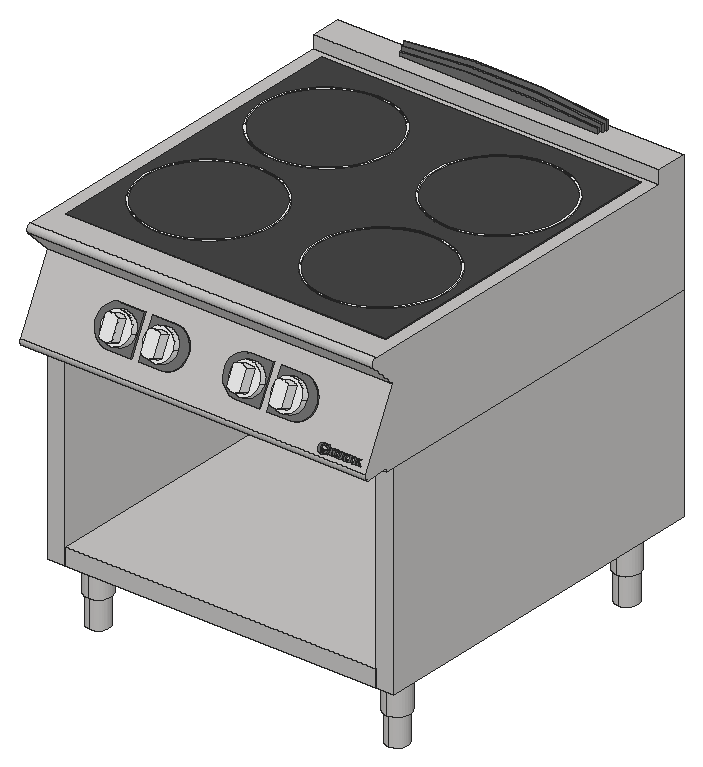
Revit family "QF_GIORIK_CI940G", category Specialty Equipment, Revit 2014
Parameters (values of type "CI940G")
  Weight in Pounds = 253.5313
  Watts = 20000 W
  Volts = 400 V
  URL Cutsheet = "www.giorik.com"
  URL = "www.giorik.com"
  Status [instance] = ""
  Specification by User [instance] = ""
  Specification by Manufacturer = ""
  Show Logo [instance] = yes
  Show Clearance [instance] = yes
  Serial Number = ""
  Seismic Rating = ""
  SMACNA No = ""
  Revision Code [instance] = ""
  Phase = 3
  Number of Poles [instance] = 3
  NAFEM Spec ID Number = ""
  Model = "CI940G"
  Min Ckt Ampacity = 0 A
  Max Overcurrent Protection = 0 A
  Masterspec = ""
  Manufacturer = "GIORIK"
  Item Number [instance] = ""
  Installed By [instance] = ""
  Identify Quantity as Lot [instance] = no
  HP = "26.820400000000"
  Furnished By [instance] = ""
  Foodservice Equipment Identifier [instance] = yes
  FL Amps = 0 A
  Electrical Remarks [instance] = ""
  Electric Connection Type [instance] = ""
  Elec Conn RI Height [instance] = 0 mm
  Elec Conn Connection Height [instance] = 150 mm
  Description = "4 ZONE INDUCTION HOB ON OPEN BASE UNIT"
  Cycle = 50 Hz
  Conn Plug = ""
  CSI MasterFormat = ""
  Assembly Code = "E1090320"
  Apparent Power = 20000 VA
Reference planes
  plane 1 "Back": y = 0
  plane 2: z = 0
  plane 3 "Left": x = 0
  plane 4 "Right": x = 800
  plane 5 "Front": y = -920
  plane 6 "Top": z = 900
Forms (mm)
  Extrusion 1, solid, visible <- "Show Logo"
    sketch origin (591.604, -936.624, 609.486) x (-1, 0, 0) y (0, 0.452718, 0.891654)
      loop
        line (-118.824, 58.358) -> (-127.804, 58.358) -> (-125.523, 56.445) -> (-125.523, 48.027) -> (-127.804, 46.113) -> (-118.824, 46.113) -> (-121.105, 48.027) -> (-121.105, 56.445) -> (-118.824, 58.358)
      loop
        line (-163.721, 58.358) -> (-172.7, 58.358) -> (-170.42, 56.445) -> (-170.42, 48.027) -> (-172.7, 46.113) -> (-163.721, 46.113) -> (-166.001, 48.027) -> (-166.001, 56.445) -> (-163.721, 58.358)
      loop
        line (-174.332, 58.358) -> (-183.312, 58.358) -> (-181.031, 56.445) -> (-181.031, 52.435) -> (-186.419, 56.955) -> (-184.416, 58.358) -> (-191.268, 58.358) -> (-188.01, 56.839) -> (-185.455, 54.283) -> (-190.846, 47.858) -> (-193.396, 46.93) -> (-193.396, 46.113) -> (-184.416, 46.113) -> (-185.437, 47.571) -> (-182.443, 51.552) -> (-181.031, 50.894) -> (-181.031, 48.027) -> (-183.312, 46.113) -> (-174.332, 46.113) -> (-176.613, 48.027) -> (-176.613, 56.445) -> (-174.332, 58.358)
      loop
        line (-115.429, 62.063) -> (-115.429, 54.198)
        arc (-115.429, 54.198) -> (-111.618, 57.803) -> (-106.847, 59.986) r 16.039
        arc (-106.847, 59.986) -> (-103.314, 59.837) -> (-100.512, 57.68) r 5.851
        arc (-100.512, 57.68) -> (-98.815, 52.267) -> (-100.512, 46.853) r 9.479
        arc (-100.512, 46.853) -> (-102.406, 44.986) -> (-104.846, 43.93) r 7.236
        arc (-104.846, 43.93) -> (-107.728, 44.111) -> (-110.052, 45.825) r 5.11
        line (-110.052, 45.825) -> (-110.052, 52.001) -> (-116.141, 52.001) -> (-116.141, 45.503) -> (-117.893, 43.751) -> (-114.094, 44.769)
        arc (-114.094, 44.769) -> (-112.56, 44.947) -> (-111.129, 44.366) r 3.115
        arc (-111.129, 44.366) -> (-104.216, 42.091) -> (-97.303, 44.366) r 11.641
        arc (-97.303, 44.366) -> (-93.396, 52.107) -> (-97.303, 59.849) r 9.622
        arc (-97.303, 59.849) -> (-104.369, 62.174) -> (-111.435, 59.849) r 11.898
        line (-111.435, 59.849) -> (-115.429, 62.063)
      loop
        arc (-129.234, 56.068) -> (-135.893, 58.628) -> (-142.552, 56.068) r 9.941
        arc (-142.552, 56.068) -> (-144.234, 52.286) -> (-142.552, 48.505) r 5.093
        arc (-142.552, 48.505) -> (-135.893, 45.945) -> (-129.234, 48.505) r 9.941
        arc (-129.234, 48.505) -> (-127.552, 52.286) -> (-129.234, 56.068) r 5.093
      loop
        arc (-132.628, 54.403) -> (-135.893, 57.668) -> (-139.158, 54.403) r 3.265
        line (-139.158, 54.403) -> (-139.158, 50.169)
        arc (-139.158, 50.169) -> (-135.893, 46.904) -> (-132.628, 50.169) r 3.265
        line (-132.628, 50.169) -> (-132.628, 54.403)
      loop
        arc (-156.363, 58.365) -> (-159.647, 55.081) -> (-156.363, 51.796) r 3.285
        line (-156.363, 51.796) -> (-159.529, 47.306) -> (-162.087, 46.113) -> (-155.847, 46.113) -> (-153.529, 51.083) -> (-150.637, 51.083) -> (-150.637, 47.784) -> (-153.022, 46.113) -> (-144.011, 46.113) -> (-146.094, 47.68) -> (-146.094, 56.493) -> (-144.229, 58.365) -> (-156.363, 58.365)
      loop
        line (-150.637, 57.512) -> (-153.637, 57.512)
        arc (-153.637, 57.512) -> (-156.237, 54.912) -> (-153.637, 52.312) r 2.6
        line (-153.637, 52.312) -> (-150.637, 52.312) -> (-150.637, 57.512)
      loop
        line (-108.924, 52.001) -> (-104.936, 49.005) -> (-100.948, 52.001) -> (-108.924, 52.001)
    from 1.5 to -0.5
  Extrusion 2, solid
    sketch origin (-16, 1025.948, 0) x (1, 0, 0) y (0, 1, 0)
      loop
        line (25, -1086.81) -> (25, -1156.81) -> (115, -1156.81) -> (115, -1086.81) -> (25, -1086.81)
    from 148 to 150
  Extrusion 3, solid
    sketch origin (-4, 0.138, 130) x (1, 0, 0) y (0, 1, 0)
      loop
        circle (54, -385) r 12.5
    from 0 to 20
  Extrusion 4, solid
    sketch origin (0, 800.138, -20) x (0, 1, 0) y (0, 0, 1)
      loop
        line (-800.138, 919.988) -> (-870.138, 919.988) -> (-870.138, 889.988) -> (-1688.806, 889.988)
        arc (-1688.806, 889.988) -> (-1699.151, 883.075) -> (-1696.724, 870.873) r 11.197
        line (-1696.724, 870.873) -> (-1640.876, 815.025) -> (-1718.948, 661.258)
        arc (-1718.948, 661.258) -> (-1718.233, 650.105) -> (-1708.118, 645.354) r 10.981
        line (-1708.118, 645.354) -> (-1660, 649.925) -> (-1660, 640) -> (-800.138, 640) -> (-800.138, 919.988)
    from 0 to 800
  Extrusion 5, solid
    sketch origin (0, -199.862, 599.536) x (1, 0, 0) y (0, 1, 0)
      loop
        line (0, -640) -> (40, -640) -> (40, 159.862) -> (760, 159.862) -> (760, -640) -> (800, -640) -> (800, 199.862) -> (0, 199.862) -> (0, -640)
    from -449.536 to 20.464
  Extrusion 6, solid
    sketch origin (0, -199.862, 0) x (1, 0, 0) y (0, 1, 0)
      loop
        line (40, 159.862) -> (40, -640) -> (760, -640) -> (760, 159.862) -> (40, 159.862)
    from 150 to 190
  Extrusion 7, solid
    sketch origin (-16, 360.948, 0) x (1, 0, 0) y (0, 1, 0)
      loop
        line (25, -1086.81) -> (25, -1156.81) -> (115, -1156.81) -> (115, -1086.81) -> (25, -1086.81)
    from 148 to 150
  Revolve 8, solid
    sketch origin (54, 360.948, 0) x (0, 1, 0) y (0, 0, 1)
      loop
        line (-1092.56, 66) -> (-1092.56, 148) -> (-1121.81, 148) -> (-1121.81, 0) -> (-1096.81, 0) -> (-1096.81, 66) -> (-1092.56, 66)
      axis (-1121.81, 0) -> (-1121.81, 148)
    angle from 0 to 360
  Revolve 9, solid
    sketch origin (54, 1025.948, 0) x (0, 1, 0) y (0, 0, 1)
      loop
        line (-1092.56, 66) -> (-1092.56, 148) -> (-1121.81, 148) -> (-1121.81, 0) -> (-1096.81, 0) -> (-1096.81, 66) -> (-1092.56, 66)
      axis (-1121.81, 0) -> (-1121.81, 148)
    angle from 0 to 360
  Revolve 10, solid
    sketch origin (746, 360.948, 0) x (0, 1, 0) y (0, 0, -1)
      loop
        line (-1092.56, -66) -> (-1096.81, -66) -> (-1096.81, 0) -> (-1121.81, 0) -> (-1121.81, -148) -> (-1092.56, -148) -> (-1092.56, -66)
      axis (-1121.81, 0) -> (-1121.81, -148)
    angle from 0 to 360
  Extrusion 11, solid
    sketch origin (816, -1217.672, 0) x (-1, 0, 0) y (0, -1, 0)
      loop
        line (25, -1086.81) -> (25, -1156.81) -> (115, -1156.81) -> (115, -1086.81) -> (25, -1086.81)
    from 148 to 150
  Revolve 12, solid
    sketch origin (746, -1217.672, 0) x (0, -1, 0) y (0, 0, 1)
      loop
        line (-1092.56, 66) -> (-1092.56, 148) -> (-1121.81, 148) -> (-1121.81, 0) -> (-1096.81, 0) -> (-1096.81, 66) -> (-1092.56, 66)
      axis (-1121.81, 0) -> (-1121.81, 148)
    angle from 0 to 360
  Extrusion 13, solid
    sketch origin (-220.755, -1163.208, 52.363) x (1, 0, 0) y (0, 0.452718, 0.891654)
      loop
        line (463.221, 676.25) -> (463.221, 766.25) -> (409.698, 766.25)
        arc (409.698, 766.25) -> (364.698, 721.25) -> (409.698, 676.25) r 45
        line (409.698, 676.25) -> (463.221, 676.25)
    from 48 to 50
  Extrusion 14, solid
    sketch origin (553.797, -1208.559, 74.959) x (-1, 0, 0) y (0, -0.45351, -0.891251)
      loop
        circle (351.331, -721.346) r 35
    from 0 to 15
  Extrusion 15, solid
    sketch origin (553.797, -1208.559, 74.959) x (-1, 0, 0) y (0, -0.45351, -0.891251)
      loop
        arc (336.331, -743.846) -> (351.331, -748.846) -> (366.331, -743.846) r 25
        line (366.331, -743.846) -> (366.331, -698.846)
        arc (366.331, -698.846) -> (351.331, -693.846) -> (336.331, -698.846) r 25
        line (336.331, -698.846) -> (336.331, -743.846)
    from 15 to 40
  Extrusion 16, solid
    sketch origin (723.221, -1163.208, 52.363) x (-1, 0, 0) y (0, -0.452718, -0.891654)
      loop
        line (463.221, -676.25) -> (409.698, -676.25)
        arc (409.698, -676.25) -> (364.698, -721.25) -> (409.698, -766.25) r 45
        line (409.698, -766.25) -> (463.221, -766.25) -> (463.221, -676.25)
    from 48 to 50
  Extrusion 17, solid
    sketch origin (-51.331, -1208.559, 74.959) x (1, 0, 0) y (0, 0.45351, 0.891251)
      loop
        circle (351.331, 721.346) r 35
    from 0 to 15
  Extrusion 18, solid
    sketch origin (-51.331, -1208.559, 74.959) x (1, 0, 0) y (0, 0.45351, 0.891251)
      loop
        line (336.331, 743.846) -> (336.331, 698.846)
        arc (336.331, 698.846) -> (351.331, 693.846) -> (366.331, 698.846) r 25
        line (366.331, 698.846) -> (366.331, 743.846)
        arc (366.331, 743.846) -> (351.331, 748.846) -> (336.331, 743.846) r 25
    from 15 to 40
  Extrusion 19, solid
    sketch origin (76.779, -1163.208, 52.363) x (1, 0, 0) y (0, 0.452718, 0.891654)
      loop
        line (463.221, 676.25) -> (463.221, 766.25) -> (409.698, 766.25)
        arc (409.698, 766.25) -> (364.698, 721.25) -> (409.698, 676.25) r 45
        line (409.698, 676.25) -> (463.221, 676.25)
    from 48 to 50
  Extrusion 20, solid
    sketch origin (851.331, -1208.559, 74.959) x (-1, 0, 0) y (0, -0.45351, -0.891251)
      loop
        circle (351.331, -721.346) r 35
    from 0 to 15
  Extrusion 21, solid
    sketch origin (851.331, -1208.559, 74.959) x (-1, 0, 0) y (0, -0.45351, -0.891251)
      loop
        arc (336.331, -743.846) -> (351.331, -748.846) -> (366.331, -743.846) r 25
        line (366.331, -743.846) -> (366.331, -698.846)
        arc (366.331, -698.846) -> (351.331, -693.846) -> (336.331, -698.846) r 25
        line (336.331, -698.846) -> (336.331, -743.846)
    from 15 to 40
  Extrusion 22, solid
    sketch origin (1020.755, -1163.208, 52.363) x (-1, 0, 0) y (0, -0.452718, -0.891654)
      loop
        line (463.221, -676.25) -> (409.698, -676.25)
        arc (409.698, -676.25) -> (364.698, -721.25) -> (409.698, -766.25) r 45
        line (409.698, -766.25) -> (463.221, -766.25) -> (463.221, -676.25)
    from 48 to 50
  Extrusion 23, solid
    sketch origin (246.203, -1208.559, 74.959) x (1, 0, 0) y (0, 0.45351, 0.891251)
      loop
        circle (351.331, 721.346) r 35
    from 0 to 15
  Extrusion 24, solid
    sketch origin (246.203, -1208.559, 74.959) x (1, 0, 0) y (0, 0.45351, 0.891251)
      loop
        line (336.331, 743.846) -> (336.331, 698.846)
        arc (336.331, 698.846) -> (351.331, 693.846) -> (366.331, 698.846) r 25
        line (366.331, 698.846) -> (366.331, 743.846)
        arc (366.331, 743.846) -> (351.331, 748.846) -> (336.331, 743.846) r 25
    from 15 to 40
  Extrusion 25, solid
    sketch origin (36.031, 0.038, -10.001) x (1, 0, 0) y (0, 0, 1)
      loop
        line (135, 909.989) -> (592.969, 909.989) -> (592.969, 919.989) -> (440.969, 929.989) -> (287, 929.989) -> (135, 919.989) -> (135, 909.989)
    from 32 to 35
  Extrusion 26, solid
    sketch origin (38, 10.038, -10.001) x (1, 0, 0) y (0, 0, 1)
      loop
        line (594, 909.989) -> (594, 924.989) -> (440, 937.489) -> (284, 937.489) -> (130, 925.001) -> (130, 909.989) -> (594, 909.989)
    from 32 to 35
  Extrusion 27, solid
    sketch origin (40, 20.038, -10.001) x (1, 0, 0) y (0, 0, 1)
      loop
        line (595, 909.989) -> (595, 930.001) -> (439, 945.258) -> (281, 945.258) -> (125, 929.989) -> (125, 909.989) -> (595, 909.989)
    from 32 to 35
  Extrusion 28, solid
    sketch origin (0.216, -199.623, 821) x (0, 1, 0) y (-1, 0, 0)
      loop
        line (-625, -30) -> (-625, -769.568) -> (115, -769.568) -> (115, -30) -> (-625, -30)
    from 48 to 50
  Extrusion 29, solid
    sketch origin (0.216, -199.623, 821) x (0, 1, 0) y (-1, 0, 0)
      loop
        line (-625, -30) -> (-625, -769.568) -> (115, -769.568) -> (115, -30) -> (-625, -30)
    from 48 to 50
  Extrusion 30, solid
    sketch origin (10.216, -516.123, 848.488) x (0, -1, 0) y (1, 0, 0)
      loop
        circle (-231.5, 189.999) r 150
      loop
        circle (-231.5, 189.999) r 146.5
    from 23 to 20.512
  Extrusion 31, solid
    sketch origin (10.216, -856.123, 848.488) x (0, -1, 0) y (1, 0, 0)
      loop
        circle (-231.5, 189.999) r 150
      loop
        circle (-231.5, 189.999) r 146.5
    from 23 to 20.512
  Extrusion 32, solid
    sketch origin (409.816, -516.123, 848.488) x (0, -1, 0) y (1, 0, 0)
      loop
        circle (-231.5, 189.999) r 150
      loop
        circle (-231.5, 189.999) r 146.5
    from 23 to 20.512
  Extrusion 33, solid
    sketch origin (409.816, -856.123, 848.488) x (0, -1, 0) y (1, 0, 0)
      loop
        circle (-231.5, 189.999) r 150
      loop
        circle (-231.5, 189.999) r 146.5
    from 23 to 20.512
Lines and regions (mm)
  symbolic lines, style "200-EquipBorder-2D"
    curve 1: line (0, -919.862, 0) -> (800, -919.862, 0)
    curve 2: line (800, -919.862, 0) -> (800, 0, 0)
    curve 3: line (800, 0, 0) -> (0, 0, 0)
    curve 4: line (0, 0, 0) -> (0, -919.862, 0)
    curve 30: line (217.465, -927.276, 900) -> (217.465, -920, 900)
    curve 31: line (285, -927.276, 900) -> (285, -920, 900)
    curve 32: line (315, -927.276, 900) -> (315, -920, 900)
    curve 33: line (485, -927.276, 900) -> (485, -920, 900)
    curve 34: line (515, -927.276, 900) -> (515, -920, 900)
    curve 35: line (582.535, -927.276, 900) -> (582.535, -920, 900)
    curve 36: line (612.535, -927.276, 900) -> (612.535, -920, 900)
    curve 37: line (187.465, -927.276, 900) -> (187.465, -920, 900)
    curve 38: arc (187.465, -927.276, 900) -> (202.465, -929.805, 900) -> (217.465, -927.276, 900) r 45.743
    curve 39: arc (285, -927.276, 900) -> (300, -929.873, 900) -> (315, -927.276, 900) r 44.61
    curve 40: arc (485, -927.276, 900) -> (500, -929.654, 900) -> (515, -927.276, 900) r 48.492
    curve 41: arc (612.535, -927.276, 900) -> (597.535, -929.599, 900) -> (582.535, -927.276, 900) r 49.584
  symbolic lines, style "200-EquipInternal-2D"
    curve 5: line (0, -70, 900) -> (800, -70, 900)
    curve 6: line (165, -11.962, 900) -> (635, -11.962, 900)
    curve 7: line (635, -11.962, 900) -> (635, -14.962, 900)
    curve 8: line (635, -14.962, 900) -> (165, -14.962, 900)
    curve 9: line (165, -14.962, 900) -> (165, -11.962, 900)
    curve 10: line (168, -21.962, 900) -> (632, -21.962, 900)
    curve 11: line (632, -21.962, 900) -> (632, -24.962, 900)
    curve 12: line (632, -24.962, 900) -> (168, -24.962, 900)
    curve 13: line (168, -24.962, 900) -> (168, -21.962, 900)
    curve 14: line (171.031, -31.962, 900) -> (629, -31.962, 900)
    curve 15: line (629, -31.962, 900) -> (629, -34.962, 900)
    curve 16: line (629, -34.962, 900) -> (171.031, -34.962, 900)
    curve 17: line (171.031, -34.962, 900) -> (171.031, -31.962, 900)
    curve 18: circle (200.215, -284.623, 900) r 150 normal (0, 0, 1)
    curve 19: circle (200.215, -284.623, 900) r 146.5 normal (0, 0, 1)
    curve 20: circle (200.215, -624.623, 900) r 150 normal (0, 0, 1)
    curve 21: circle (200.215, -624.623, 900) r 146.5 normal (0, 0, 1)
    curve 22: line (30.216, -84.623, 900) -> (769.784, -84.623, 900)
    curve 23: line (30.216, -824.623, 900) -> (30.216, -84.623, 900)
    curve 24: line (769.784, -824.623, 900) -> (30.216, -824.623, 900)
    curve 25: line (769.784, -84.623, 900) -> (769.784, -824.623, 900)
    curve 26: circle (599.815, -284.623, 900) r 150 normal (0, 0, 1)
    curve 27: circle (599.815, -284.623, 900) r 146.5 normal (0, 0, 1)
    curve 28: circle (599.815, -624.623, 900) r 150 normal (0, 0, 1)
    curve 29: circle (599.815, -624.623, 900) r 146.5 normal (0, 0, 1)
Dimensions and locks
  plane 3 "Left" to plane 4 "Right" = 800 mm
  plane 5 "Front" to plane 1 "Back" = 920 mm
  plane 4 "Right" to plane 3 "Left" = 800 mm
  plane 1 "Back" to plane 5 "Front" = 920 mm
  plane 6 "Top" to level = 900 mm  (x2)
  aligned and locked: level to plane 2
Connectors
  electrical at (50, -384.862, 130), driven by "Apparent Power", driven by "Volts", driven by "Number of Poles"
    settings: on Extrusion 3, index 1, voltage 400 V, apparent load 0 VA, apparent load phase1 20000 VA, apparent load phase2 0 VA, apparent load phase3 0 VA, power factor 1, load classification "Other", number of poles 3, system type 31, power factor state 1, is connector primary yes, connector utility no, sub classification motor no, connector description "Electrical connection"
